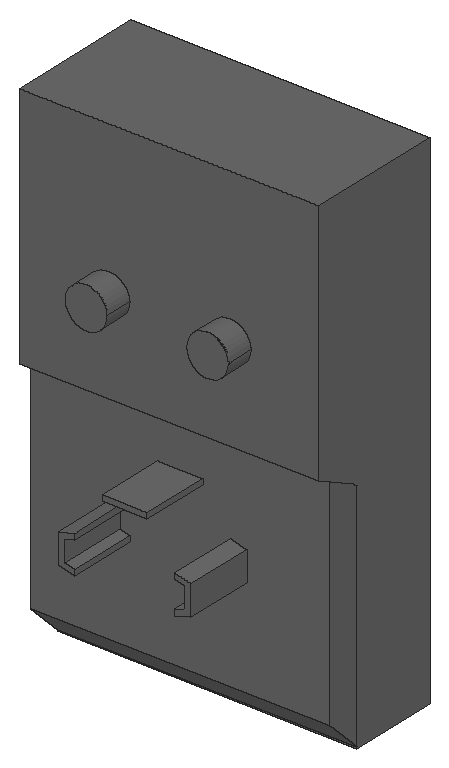
Revit family "Plumbing_Joints_Aignep_Analogue-Timer-Din43650A-90985", category Pipe Accessories, Revit 2018
Family settings
  Round Connector Dimension = Use Diameter
  Part Type = Valve - Breaks Into
  OmniClass Number = 23.27.43.00
  OmniClass Title = Pipe Fittings
  Work Plane-Based = No
  Always vertical = Yes
  Cut with Voids When Loaded = No
  Shared = No
Parameters (values of type "90985")
  Voltage = 24 V
  Temperature Range = "from - 10 °C to + 50 °C"  # constant formula
  Product Material = AIGNEP - Plastic - Black
  QR code = "https://www.bimobject.com/aignep/product/analogue-timer-din43650a-90985"
  Product url = "https://www.aignep.com/eng/Pipe-fittings-INFINITY/Air-Pipeline-INFINITY-Series/ANALOGUE-TIMER-DIN43650A"
  Product name = "Analogue Timer Din43650A - 90985"
  Product group = "Valves"
  Product family = "INFINITY"
  Product certification = "https://www.aignep.com/eng/Certificazioni/FREE-OF-SILICON"
  Product SKU = "Analogue-Timer-Din43650A-90985"
  OmniClass Description = "Pipe Fittings"
  OmniClass Code = "23-27 43 00"
  Material main = "Brass"
  Manufacturer name = "Aignep Spa"
  Manufacturer country = "Italy"
  IFC Classification = "Pipe Fitting"
  Frequency = 60 Hz
  Electrical Features [instance] = "24 - 240V AC/DC 50/60Hz"  # constant formula
  Design country = "Italy"
  Description = "Analogue timer DIN43650A"  # constant formula
  URL = "https://www.aignep.com/"
  Product data url = "https://www.bimobject.com/aignep/product/analogue-timer-din43650a-90985"
  Product Guid = "00cd7a62-7d46-45d0-990b-e35a94039c58"
  Model = "90985"  # constant formula
  Manufacturer = "Aignep Spa"  # constant formula
  Keynote = "15410"
  Edition number = 1
  BIMobject category = "Valves"
  Assembly Code = "D2040100"
  Article Code [instance] = "90985 00 001"  # constant formula
  Apparent Load = 0 VA
Reference planes
  plane 1 "Center (Front/Back)": y = 0
  plane 2: z = 0
  plane 3 "Center (Left/Right)": x = 0
Forms (mm)
  Extrusion 1, solid, material "AIGNEP - Plastic - Black" <- "Product Material", detail levels coarse
    sketch origin (0, 0, 0) x (1, 0, 0) y (0, 0, 1)
      loop
        line (-21.5, 73) -> (-21.5, 0) -> (21.5, 0) -> (21.5, 73) -> (-21.5, 73)
    from 0 to 31.02
  Extrusion 2, solid, material "AIGNEP - Plastic - Black" <- "Product Material", detail levels medium+fine
    sketch origin (-32.5, 55.314, 1200) x (0, 1, 0) y (0, 0, 1)
      loop
        line (-57.314, -1127) -> (-77.314, -1127) -> (-77.314, -1162.5) -> (-71.01, -1165.652)
        arc (-71.01, -1165.652) -> (-70.609, -1166.019) -> (-70.461, -1166.541) r 0.995
        line (-70.461, -1166.541) -> (-70.461, -1200) -> (-57.314, -1200) -> (-57.314, -1127)
    from 11 to 54
  Extrusion 3, solid, material "AIGNEP - Plastic - Black" <- "Product Material", detail levels medium+fine
    sketch origin (-32.5, 55.314, 1200) x (0, 1, 0) y (0, 0, 1)
      loop
        line (-70.461, -1199.854) -> (-70.461, -1166.488)
        arc (-70.461, -1166.488) -> (-70.596, -1166.011) -> (-70.963, -1165.676) r 0.909
        line (-70.963, -1165.676) -> (-75.314, -1163.5) -> (-75.314, -1195) -> (-70.461, -1199.854)
    from 11 to 54
  Extrusion 4, solid, material "AIGNEP - Plastic - Black" <- "Product Material", detail levels fine
    sketch origin (21.5, -20, 5) x (0, 0, 1) y (-1, 0, 0)
      loop
        line (25.5, 24.7) -> (24.7, 24.7) -> (24.7, 18.3) -> (25.5, 18.3) -> (25.5, 24.7)
      loop
        line (14.821, 12.815) -> (14.446, 14.25) -> (13.646, 14.25) -> (14.242, 11.968) -> (18.551, 11.968) -> (19.146, 14.25) -> (18.346, 14.25) -> (17.972, 12.815) -> (14.821, 12.815)
      loop
        line (17.972, 30.185) -> (18.346, 28.75) -> (19.146, 28.75) -> (18.551, 31.032) -> (14.242, 31.032) -> (13.646, 28.75) -> (14.446, 28.75) -> (14.821, 30.185) -> (17.972, 30.185)
    from 0 to 10
  Extrusion 5, solid, material "AIGNEP - Plastic - Black" <- "Product Material", detail levels fine
    sketch origin (0, 0, 0) x (1, 0, 0) y (0, 0, 1)
      loop
        circle (-8.728, 50.962) r 2.984
      loop
        circle (8.728, 50.962) r 2.984
    from 22 to 26
  Extrusion 6, solid, material "AIGNEP - Plastic - Black" <- "Product Material", detail levels medium+fine
    sketch origin (21.5, -20, 5) x (0, 0, 1) y (-1, 0, 0)
      loop
        arc (30.5, 32.75) -> (29.768, 34.518) -> (28, 35.25) r 2.5
        line (28, 35.25) -> (5.5, 35.25)
        arc (5.5, 35.25) -> (3.732, 34.518) -> (3, 32.75) r 2.5
        line (3, 32.75) -> (3, 10.25)
        arc (3, 10.25) -> (3.732, 8.482) -> (5.5, 7.75) r 2.5
        line (5.5, 7.75) -> (28, 7.75)
        arc (28, 7.75) -> (29.768, 8.482) -> (30.5, 10.25) r 2.5
        line (30.5, 10.25) -> (30.5, 32.75)
    from -20 to -18
  Extrusion 7, solid, material "AIGNEP - Plastic - Black" <- "Product Material", not visible, detail levels fine
    sketch origin (0, 0, -1.25) x (1, 0, 0) y (0, 0, 1)
      loop
        line (3.047, 23.883) -> (2.231, 26.931) -> (-0.817, 27.747) -> (-3.047, 25.517) -> (-2.231, 22.469) -> (0.817, 21.653) -> (3.047, 23.883)
    from 17.641 to 20
Lines and regions (mm)
  Masking region 1
    outline origin (0, 0, 0) x (1, 0, 0) y (0, 0, 1)
      loop
        line (-21.5, 73) -> (-21.5, 0.146) -> (21.5, 0.146) -> (21.5, 73) -> (-21.5, 73)
  Masking region 2, detail levels coarse
    outline origin (0, 0, 0) x (1, 0, 0) y (0, 1, 0)
      loop
        line (-21.5, 0) -> (-21.5, -31.02) -> (21.5, -31.02) -> (21.5, 0) -> (-21.5, 0)
  Masking region 3, detail levels medium+fine
    outline origin (0, 0, 0) x (1, 0, 0) y (0, 1, 0)
      loop
        line (-13.75, -2) -> (-21.5, -2) -> (-21.5, -22) -> (21.5, -22) -> (21.5, -2) -> (13.75, -2) -> (13.75, 0) -> (-13.75, 0) -> (-13.75, -2)
  Masking region 4, detail levels fine
    outline origin (0, 0, 0) x (1, 0, 0) y (0, 1, 0)
      loop
        line (-11.712, -26) -> (-9.532, -26) -> (-9.532, -30) -> (-7.25, -30) -> (-7.25, -26) -> (-5.745, -26) -> (-5.745, -22) -> (-11.712, -22) -> (-11.712, -26)
      loop
        line (-3.2, -30) -> (3.2, -30) -> (3.2, -22) -> (-3.2, -22) -> (-3.2, -30)
      loop
        line (5.745, -26) -> (7.25, -26) -> (7.25, -30) -> (9.532, -30) -> (9.532, -26) -> (11.712, -26) -> (11.712, -22) -> (5.745, -22) -> (5.745, -26)
  symbolic lines, detail levels medium+fine
    curve 1: line (-21.5, 0, 37.5) -> (21.5, 0, 37.5)
    curve 2: line (-21.5, 0, 36.5) -> (21.5, 0, 36.5)
    curve 3: line (-21.5, 0, 5) -> (21.5, 0, 5)
    curve 28: line (-13.75, -2, 0) -> (13.75, -2, 0)
  symbolic lines, detail levels fine
    curve 4: line (-8.685, 0, 19.821) -> (-8.685, 0, 22.972)
    curve 5: line (-8.685, 0, 22.972) -> (-7.25, 0, 23.346)
    curve 6: line (-7.25, 0, 23.346) -> (-7.25, 0, 24.146)
    curve 7: line (-7.25, 0, 24.146) -> (-9.532, 0, 23.551)
    curve 8: line (-9.532, 0, 23.551) -> (-9.532, 0, 19.242)
    curve 9: line (-9.532, 0, 19.242) -> (-7.25, 0, 18.646)
    curve 10: line (-7.25, 0, 18.646) -> (-7.25, 0, 19.446)
    curve 11: line (-7.25, 0, 19.446) -> (-8.685, 0, 19.821)
    curve 12: line (8.685, 0, 22.972) -> (8.685, 0, 19.821)
    curve 13: line (8.685, 0, 19.821) -> (7.25, 0, 19.446)
    curve 14: line (7.25, 0, 19.446) -> (7.25, 0, 18.646)
    curve 15: line (7.25, 0, 18.646) -> (9.532, 0, 19.242)
    curve 16: line (9.532, 0, 19.242) -> (9.532, 0, 23.551)
    curve 17: line (9.532, 0, 23.551) -> (7.25, 0, 24.146)
    curve 18: line (7.25, 0, 24.146) -> (7.25, 0, 23.346)
    curve 19: line (7.25, 0, 23.346) -> (8.685, 0, 22.972)
    curve 20: line (3.2, 0, 30.5) -> (-3.2, 0, 30.5)
    curve 21: line (-3.2, 0, 30.5) -> (-3.2, 0, 29.7)
    curve 22: line (-3.2, 0, 29.7) -> (3.2, 0, 29.7)
    curve 23: line (3.2, 0, 29.7) -> (3.2, 0, 30.5)
    curve 24: arc (5.745, 0, 50.962) -> (8.728, 0, 47.979) -> (11.712, 0, 50.962) r 2.984
    curve 25: arc (11.712, 0, 50.962) -> (8.728, 0, 53.946) -> (5.745, 0, 50.962) r 2.984
    curve 26: arc (-11.712, 0, 50.962) -> (-8.728, 0, 47.979) -> (-5.745, 0, 50.962) r 2.984
    curve 27: arc (-5.745, 0, 50.962) -> (-8.728, 0, 53.946) -> (-11.712, 0, 50.962) r 2.984
    curve 29: line (-9.532, -26, 0) -> (-7.25, -26, 0)
    curve 30: line (7.25, -26, 0) -> (11.412, -26, 0)
Dimensions and locks
  aligned and locked: level to plane 2
Connectors
  electrical at (0, -20, 23.45), driven by "Voltage", driven by "Apparent Load"
    settings: on Extrusion 7, index 1, voltage 24 V, apparent load 0 VA, apparent load phase1 0 VA, apparent load phase2 0 VA, apparent load phase3 0 VA, power factor 1, load classification "Other", number of poles 1, system type 30, power factor state 1, is connector primary yes, connector utility no, sub classification motor no, connector description ""
